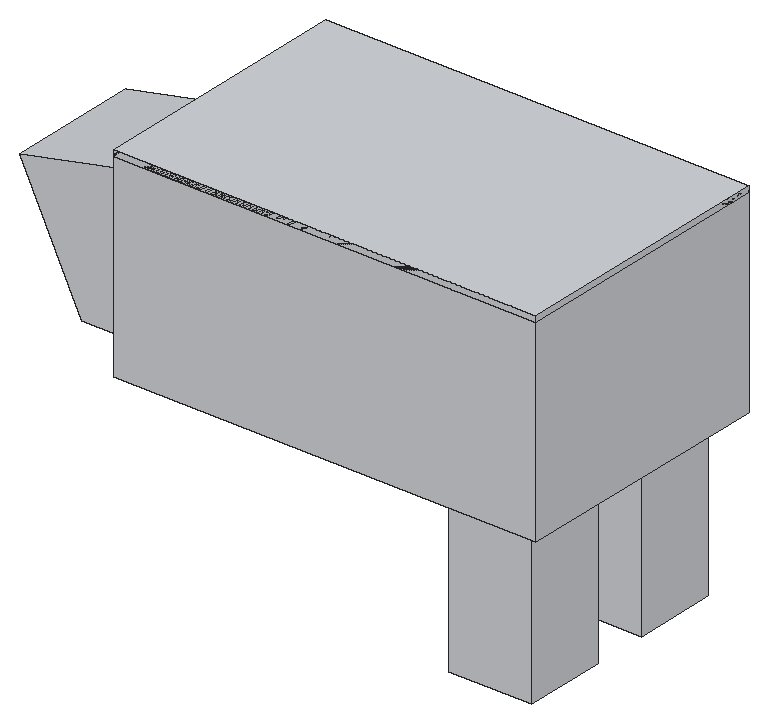
Revit family "AHU 5 _5", category Mechanické zařízení, Revit 2018
Family settings
  Kóta kulaté spojky = Použít průměr
  Typ dílu = Normální
  Číslo OmniClass = 23.75.00.00
  Nadpis OmniClass = Climate Control (HVAC)
  Založené na pracovní rovině = Ne
  Vždy vertikální = Ano
  Ořezat dutým tvarem při načtení = Ne
  Sdílené = Ne
  Bod výpočtu místnosti = Ne
Parameters (values of type "DUPLEXVENT 5500 Multi Eco-N")
  Width [instance] = 1.605 mm
  Weight [instance] = 645.00 kg
  URL = ""
  Type [instance] = "DUPLEXVENT 5500 Multi Eco-N"
  Total_SFP [instance] = 0
  Supply_outlet_hum [instance] = 90
  Supply_inlet_hum [instance] = 90
  Supply_ext_pressure [instance] = 0.0 Pa
  Supply_SFP [instance] = 0
  Source_adu_file [instance] = ""
  Recuperation_type [instance] = "Plate heat recovery exchanger"
  Recuperation_efficiency_EN308 [instance] = 0
  Project_name [instance] = ""
  Project_date [instance] = "9.8.2023"
  Power_supply_fusing [instance] = "0"
  Power_supply_cable [instance] = "0"
  Position [instance] = "AHU 5 "
  Phases_count [instance] = 3
  Panel_thickness [instance] = 0.06 mm
  Outer_surface [instance] = "RAL 9002"
  Length [instance] = 2.56 mm
  Insulation_type [instance] = "PUR"
  Insulation_thickness [instance] = 0.05 mm
  Installation_environment [instance] = ""
  Input_power_max [instance] = 6600 W
  Inner_surface [instance] = "Pozink"
  I2 [instance] = I1  # 0.0 L/s
  Height [instance] = 1.69 mm
  Exhaust_outlet_hum [instance] = 40
  Exhaust_inlet_hum [instance] = 40
  Exhaust_ext_pressure [instance] = 0.0 Pa
  Exhaust_SFP [instance] = 0
  E1 [instance] = E2 - M1  # 0.0 L/s
  E2 [instance] = 0.0 L/s
  I1 [instance] = 0.0 L/s
  Description = ""
  M1 [instance] = 0.0 L/s
  Device_dutypoint_version [instance] = "0"
  Device_design_version [instance] = "10"
  Device_adu_id [instance] = "5"
  Current_max [instance] = 10.8 A
  Casing_mat [instance] = "painted zinc layer"
  Cable type [instance] = ""
Reference planes
  plane 1 "Střed (vpředu/vzadu)": y = 0
  plane 2 "ref": z = 0
  plane 3 "Střed (vlevo/vpravo)": x = 0
Forms (mm)
  Sweep 1, solid
    path origin (0, 0, -1190) x (0, 0, 1) y (1, 0, 0)
      loop
        line (0, 0) -> (1190, 0)
    profile origin (0, 0, -1190) x (1, 0, 0) y (0, 1, 0)
      loop
        line (0, 0) -> (2560, 0) -> (2560, 1605) -> (0, 1605) -> (0, 0)
  Sweep 2, solid
    path origin (0, 0, 0) x (0, 0, 1) y (1, 0, 0)
      loop
        line (0, 0) -> (40, 0)
    profile origin (0, 0, 0) x (1, 0, 0) y (0, 1, 0)
      loop
        line (0, 0) -> (2560, 0) -> (2560, 1605) -> (0, 1605) -> (0, 0)
  Sweep 3, solid
    path origin (-310, 870, -550) x (1, 0, 0) y (0, 1, 0)
      loop
        line (0, 0) -> (0, -800)
    profile origin (-310, 870, -550) x (1, 0, 0) y (0, 0, 1)
      loop
        line (309, 455) -> (-310, 319) -> (62, -455) -> (310, -455) -> (309, 455)
  Sweep 4, solid
    path origin (0, 470, -550) x (0, 1, 0) y (-1, 0, 0)
      loop
        line (0, 0) -> (0, 1)
    profile origin (0, 470, -550) x (0, -1, 0) y (0, 0, 1)
      loop
        line (-400, -455) -> (400, -455) -> (400, 455) -> (-400, 455) -> (-400, -455)
  Sweep 5, solid
    path origin (2182, 1206, -1190) x (0, 0, -1) y (1, 0, 0)
      loop
        line (0, 0) -> (975, 0)
    profile origin (2182, 1206, -1190) x (0, -1, 0) y (1, 0, 0)
      loop
        line (-250, 250) -> (-250, -250) -> (250, -250) -> (250, 250) -> (-250, 250)
  Sweep 6, solid
    path origin (2182, 373, -1190) x (0, 0, -1) y (1, 0, 0)
      loop
        line (0, 0) -> (975, 0)
    profile origin (2182, 373, -1190) x (0, -1, 0) y (1, 0, 0)
      loop
        line (-250, 250) -> (-250, -250) -> (250, -250) -> (250, 250) -> (-250, 250)
  Sweep 7, solid
    path origin (65, 1855, -802) x (1, 0, 0) y (0, 1, 0)
      loop
        line (0, 0) -> (790, 0)
    profile origin (65, 1855, -802) x (0, 1, 0) y (0, 0, 1)
      loop
        line (-250, -388) -> (250, -388) -> (250, 138) -> (0, 388) -> (-250, 388) -> (-250, -388)
  Sweep 8, solid
    path origin (0, 0, -1190) x (0, 0, 1) y (1, 0, 0)
      loop
        line (0, 0) -> (775, 0)
    profile origin (0, 0, -1190) x (1, 0, 0) y (0, 1, 0)
      loop
        line (65, 1605) -> (855, 1605) -> (855, 1606) -> (65, 1606) -> (65, 1605)
  Sweep 9, solid
    path origin (113, 1492, -1190) x (0, -1, 0) y (0, 0, 1)
      loop
        line (0, 0) -> (0, -150)
    profile origin (113, 1492, -1190) x (-1, 0, 0) y (0, -1, 0)
      loop
        circle (0, 0) r 30
  Sweep 10, solid
    path origin (1321, 1492, -1190) x (0, -1, 0) y (0, 0, 1)
      loop
        line (0, 0) -> (0, -150)
    profile origin (1321, 1492, -1190) x (-1, 0, 0) y (0, -1, 0)
      loop
        circle (0, 0) r 30
  Sweep 11, solid
    path origin (0, 0, 5) x (0, 0, 1) y (1, 0, 0)
      loop
        line (0, 0) -> (35, 0)
    profile origin (0, 0, 5) x (1, 0, 0) y (0, 1, 0)
      loop
        line (0, 0) -> (2560, 0) -> (2560, 1605) -> (0, 1605) -> (0, 0)
Lines and regions (mm)
  model lines, style "Symbol"
    curve 1: line (1050, 0, 40) -> (1050, 321, 40)
    curve 2: line (1050, 1605, 40) -> (1050, 1284, 40)
    curve 3: line (0, 802, 40) -> (568, 802, 40)
    curve 4: line (2560, 802, 40) -> (1531, 802, 40)
    curve 5: line (568, 802, 40) -> (809, 1284, 40)
    curve 6: line (809, 1284, 40) -> (1290, 1284, 40)
    curve 7: line (1290, 1284, 40) -> (1531, 802, 40)
    curve 8: line (1531, 802, 40) -> (1290, 321, 40)
    curve 9: line (1290, 321, 40) -> (1050, 321, 40)
    curve 10: line (1050, 321, 40) -> (809, 321, 40)
    curve 11: line (809, 321, 40) -> (568, 802, 40)
    curve 12: line (2207, 1318, 40) -> (2464, 1274, 40)
    curve 13: line (2207, 1089, 40) -> (2464, 1133, 40)
    curve 14: line (126, 1091, 40) -> (170, 1348, 40)
    curve 15: line (355, 1091, 40) -> (311, 1348, 40)
    curve 16: line (51, 161, 40) -> (51, 642, 40)
    curve 17: line (51, 642, 40) -> (205, 642, 40)
    curve 18: line (205, 642, 40) -> (205, 161, 40)
    curve 19: line (205, 161, 40) -> (51, 161, 40)
    curve 20: line (128, 161, 40) -> (205, 401, 40)
    curve 21: line (128, 642, 40) -> (205, 401, 40)
    curve 22: line (2509, 642, 40) -> (2509, 161, 40)
    curve 23: line (2509, 161, 40) -> (2355, 161, 40)
    curve 24: line (2355, 161, 40) -> (2355, 642, 40)
    curve 25: line (2355, 642, 40) -> (2509, 642, 40)
    curve 26: line (2432, 642, 40) -> (2355, 401, 40)
    curve 27: line (2432, 161, 40) -> (2355, 401, 40)
    curve 28: line (722, 281, 40) -> (503, 710, 40)
    curve 29: line (503, 710, 40) -> (575, 746, 40)
    curve 30: line (575, 746, 40) -> (793, 317, 40)
    curve 31: line (793, 317, 40) -> (722, 281, 40)
    curve 32: line (591, 556, 40) -> (619, 643, 40)
    curve 33: line (678, 385, 40) -> (706, 471, 40)
    curve 34: line (74, 1492, -1190) -> (152, 1492, -1190)
    curve 35: line (113, 1453, -1190) -> (113, 1531, -1190)
    curve 36: line (1282, 1492, -1190) -> (1360, 1492, -1190)
    curve 37: line (1321, 1453, -1190) -> (1321, 1531, -1190)
    curve 38: line (0, 0, 1200) -> (0, 0, 0)
    curve 39: line (2560, 0, 1200) -> (2560, 0, 0)
    curve 40: line (0, 0, 1200) -> (2560, 0, 1200)
    curve 41: line (0, 1605, 1200) -> (0, 1605, 0)
    curve 42: line (2560, 1605, 1200) -> (2560, 1605, 0)
    curve 43: line (0, 1605, 1200) -> (2560, 1605, 1200)
    curve 44: line (0, 0, 1200) -> (0, 1605, 1200)
    curve 45: line (2560, 0, 1200) -> (2560, 1605, 1200)
    curve 46: line (0, 1405, 1200) -> (200, 1605, 1200)
    curve 47: line (0, 1205, 1200) -> (400, 1605, 1200)
    curve 48: line (0, 1005, 1200) -> (600, 1605, 1200)
    curve 49: line (0, 805, 1200) -> (800, 1605, 1200)
    curve 50: line (0, 605, 1200) -> (1000, 1605, 1200)
    curve 51: line (0, 405, 1200) -> (1200, 1605, 1200)
    curve 52: line (0, 205, 1200) -> (1400, 1605, 1200)
    curve 53: line (0, 5, 1200) -> (1600, 1605, 1200)
    curve 54: line (195, 0, 1200) -> (1800, 1605, 1200)
    curve 55: line (395, 0, 1200) -> (2000, 1605, 1200)
    curve 56: line (595, 0, 1200) -> (2200, 1605, 1200)
    curve 57: line (795, 0, 1200) -> (2400, 1605, 1200)
    curve 58: line (995, 0, 1200) -> (2560, 1565, 1200)
    curve 59: line (1195, 0, 1200) -> (2560, 1365, 1200)
    curve 60: line (1395, 0, 1200) -> (2560, 1165, 1200)
    curve 61: line (1595, 0, 1200) -> (2560, 965, 1200)
    curve 62: line (1795, 0, 1200) -> (2560, 765, 1200)
    curve 63: line (1995, 0, 1200) -> (2560, 565, 1200)
    curve 64: line (2195, 0, 1200) -> (2560, 365, 1200)
    curve 65: line (2395, 0, 1200) -> (2560, 165, 1200)
    curve 66: line (2560, 1405, 1200) -> (2560, 1605, 1000)
    curve 67: line (2560, 1205, 1200) -> (2560, 1605, 800)
    curve 68: line (2560, 1005, 1200) -> (2560, 1605, 600)
    curve 69: line (2560, 805, 1200) -> (2560, 1605, 400)
    curve 70: line (2560, 605, 1200) -> (2560, 1605, 200)
    curve 71: line (2560, 405, 1200) -> (2560, 1605, 0)
    curve 72: line (2560, 205, 1200) -> (2560, 1405, 0)
    curve 73: line (2560, 5, 1200) -> (2560, 1205, 0)
    curve 74: line (2560, 0, 1005) -> (2560, 1005, 0)
    curve 75: line (2560, 0, 805) -> (2560, 805, 0)
    curve 76: line (2560, 0, 605) -> (2560, 605, 0)
    curve 77: line (2560, 0, 405) -> (2560, 405, 0)
    curve 78: line (2560, 0, 205) -> (2560, 205, 0)
    curve 79: line (2560, 0, 5) -> (2560, 5, 0)
    curve 80: line (0, 1605, 1000) -> (200, 1605, 1200)
    curve 81: line (0, 1605, 800) -> (400, 1605, 1200)
    curve 82: line (0, 1605, 600) -> (600, 1605, 1200)
    curve 83: line (0, 1605, 400) -> (800, 1605, 1200)
    curve 84: line (0, 1605, 200) -> (1000, 1605, 1200)
    curve 85: line (0, 1605, 0) -> (1200, 1605, 1200)
    curve 86: line (200, 1605, 0) -> (1400, 1605, 1200)
    curve 87: line (400, 1605, 0) -> (1600, 1605, 1200)
    curve 88: line (600, 1605, 0) -> (1800, 1605, 1200)
    curve 89: line (800, 1605, 0) -> (2000, 1605, 1200)
    curve 90: line (1000, 1605, 0) -> (2200, 1605, 1200)
    curve 91: line (1200, 1605, 0) -> (2400, 1605, 1200)
    curve 92: line (1400, 1605, 0) -> (2560, 1605, 1160)
    curve 93: line (1600, 1605, 0) -> (2560, 1605, 960)
    curve 94: line (1800, 1605, 0) -> (2560, 1605, 760)
    curve 95: line (2000, 1605, 0) -> (2560, 1605, 560)
    curve 96: line (2200, 1605, 0) -> (2560, 1605, 360)
    curve 97: line (2400, 1605, 0) -> (2560, 1605, 160)
    curve 98: line (0, -700, -1190) -> (0, 0, -1190)
    curve 99: line (2560, -700, -1190) -> (2560, 0, -1190)
    curve 100: line (0, -700, -1190) -> (2560, -700, -1190)
    curve 101: line (0, -700, 0) -> (0, 0, 0)
    curve 102: line (2560, -700, 0) -> (2560, 0, 0)
    curve 103: line (0, -700, 0) -> (2560, -700, 0)
    curve 104: line (0, -700, -1190) -> (0, -700, 0)
    curve 105: line (2560, -700, -1190) -> (2560, -700, 0)
    curve 106: line (0, -700, -200) -> (200, -700, 0)
    curve 107: line (0, -700, -400) -> (400, -700, 0)
    curve 108: line (0, -700, -600) -> (600, -700, 0)
    curve 109: line (0, -700, -800) -> (800, -700, 0)
    curve 110: line (0, -700, -1000) -> (1000, -700, 0)
    curve 111: line (10, -700, -1190) -> (1200, -700, 0)
    curve 112: line (210, -700, -1190) -> (1400, -700, 0)
    curve 113: line (410, -700, -1190) -> (1600, -700, 0)
    curve 114: line (610, -700, -1190) -> (1800, -700, 0)
    curve 115: line (810, -700, -1190) -> (2000, -700, 0)
    curve 116: line (1010, -700, -1190) -> (2200, -700, 0)
    curve 117: line (1210, -700, -1190) -> (2400, -700, 0)
    curve 118: line (1410, -700, -1190) -> (2560, -700, -40)
    curve 119: line (1610, -700, -1190) -> (2560, -700, -240)
    curve 120: line (1810, -700, -1190) -> (2560, -700, -440)
    curve 121: line (2010, -700, -1190) -> (2560, -700, -640)
    curve 122: line (2210, -700, -1190) -> (2560, -700, -840)
    curve 123: line (2410, -700, -1190) -> (2560, -700, -1040)
    curve 124: line (2560, -700, -200) -> (2560, -500, 0)
    curve 125: line (2560, -700, -400) -> (2560, -300, 0)
    curve 126: line (2560, -700, -600) -> (2560, -100, 0)
    curve 127: line (2560, -700, -800) -> (2560, 0, -100)
    curve 128: line (2560, -700, -1000) -> (2560, 0, -300)
    curve 129: line (2560, -690, -1190) -> (2560, 0, -500)
    curve 130: line (2560, -490, -1190) -> (2560, 0, -700)
    curve 131: line (2560, -290, -1190) -> (2560, 0, -900)
    curve 132: line (2560, -90, -1190) -> (2560, 0, -1100)
    curve 133: line (0, -500, 0) -> (200, -700, 0)
    curve 134: line (0, -300, 0) -> (400, -700, 0)
    curve 135: line (0, -100, 0) -> (600, -700, 0)
    curve 136: line (100, 0, 0) -> (800, -700, 0)
    curve 137: line (300, 0, 0) -> (1000, -700, 0)
    curve 138: line (500, 0, 0) -> (1200, -700, 0)
    curve 139: line (700, 0, 0) -> (1400, -700, 0)
    curve 140: line (900, 0, 0) -> (1600, -700, 0)
    curve 141: line (1100, 0, 0) -> (1800, -700, 0)
    curve 142: line (1300, 0, 0) -> (2000, -700, 0)
    curve 143: line (1500, 0, 0) -> (2200, -700, 0)
    curve 144: line (1700, 0, 0) -> (2400, -700, 0)
    curve 145: line (1900, 0, 0) -> (2560, -660, 0)
    curve 146: line (2100, 0, 0) -> (2560, -460, 0)
    curve 147: line (2300, 0, 0) -> (2560, -260, 0)
    curve 148: line (2500, 0, 0) -> (2560, -60, 0)
    curve 149: line (0, 2305, 0) -> (0, 1605, 0)
    curve 150: line (2560, 2305, 0) -> (2560, 1605, 0)
    curve 151: line (0, 2305, 0) -> (2560, 2305, 0)
    curve 152: line (0, 2305, -1190) -> (0, 1605, -1190)
    curve 153: line (2560, 2305, -1190) -> (2560, 1605, -1190)
    curve 154: line (0, 2305, -1190) -> (2560, 2305, -1190)
    curve 155: line (0, 2305, 0) -> (0, 2305, -1190)
    curve 156: line (2560, 2305, 0) -> (2560, 2305, -1190)
    curve 157: line (0, 2305, -990) -> (200, 2305, -1190)
    curve 158: line (0, 2305, -790) -> (400, 2305, -1190)
    curve 159: line (0, 2305, -590) -> (600, 2305, -1190)
    curve 160: line (0, 2305, -390) -> (800, 2305, -1190)
    curve 161: line (0, 2305, -190) -> (1000, 2305, -1190)
    curve 162: line (10, 2305, 0) -> (1200, 2305, -1190)
    curve 163: line (210, 2305, 0) -> (1400, 2305, -1190)
    curve 164: line (410, 2305, 0) -> (1600, 2305, -1190)
    curve 165: line (610, 2305, 0) -> (1800, 2305, -1190)
    curve 166: line (810, 2305, 0) -> (2000, 2305, -1190)
    curve 167: line (1010, 2305, 0) -> (2200, 2305, -1190)
    curve 168: line (1210, 2305, 0) -> (2400, 2305, -1190)
    curve 169: line (1410, 2305, 0) -> (2560, 2305, -1150)
    curve 170: line (1610, 2305, 0) -> (2560, 2305, -950)
    curve 171: line (1810, 2305, 0) -> (2560, 2305, -750)
    curve 172: line (2010, 2305, 0) -> (2560, 2305, -550)
    curve 173: line (2210, 2305, 0) -> (2560, 2305, -350)
    curve 174: line (2410, 2305, 0) -> (2560, 2305, -150)
    curve 175: line (2560, 2305, -990) -> (2560, 2105, -1190)
    curve 176: line (2560, 2305, -790) -> (2560, 1905, -1190)
    curve 177: line (2560, 2305, -590) -> (2560, 1705, -1190)
    curve 178: line (2560, 2305, -390) -> (2560, 1605, -1090)
    curve 179: line (2560, 2305, -190) -> (2560, 1605, -890)
    curve 180: line (2560, 2295, 0) -> (2560, 1605, -690)
    curve 181: line (2560, 2095, 0) -> (2560, 1605, -490)
    curve 182: line (2560, 1895, 0) -> (2560, 1605, -290)
    curve 183: line (2560, 1695, 0) -> (2560, 1605, -90)
    curve 184: line (0, 2105, -1190) -> (200, 2305, -1190)
    curve 185: line (0, 1905, -1190) -> (400, 2305, -1190)
    curve 186: line (0, 1705, -1190) -> (600, 2305, -1190)
    curve 187: line (100, 1605, -1190) -> (800, 2305, -1190)
    curve 188: line (300, 1605, -1190) -> (1000, 2305, -1190)
    curve 189: line (500, 1605, -1190) -> (1200, 2305, -1190)
    curve 190: line (700, 1605, -1190) -> (1400, 2305, -1190)
    curve 191: line (900, 1605, -1190) -> (1600, 2305, -1190)
    curve 192: line (1100, 1605, -1190) -> (1800, 2305, -1190)
    curve 193: line (1300, 1605, -1190) -> (2000, 2305, -1190)
    curve 194: line (1500, 1605, -1190) -> (2200, 2305, -1190)
    curve 195: line (1700, 1605, -1190) -> (2400, 2305, -1190)
    curve 196: line (1900, 1605, -1190) -> (2560, 2265, -1190)
    curve 197: line (2100, 1605, -1190) -> (2560, 2065, -1190)
    curve 198: line (2300, 1605, -1190) -> (2560, 1865, -1190)
    curve 199: line (2500, 1605, -1190) -> (2560, 1665, -1190)
    curve 200: line (0, 0, 40) -> (0, 1605, 40)
    curve 201: line (0, 1605, 40) -> (1280, 1605, 40)
    curve 202: line (1280, 1605, 40) -> (1280, 0, 40)
    curve 203: line (1280, 0, 40) -> (0, 0, 40)
    curve 204: line (1280, 0, 40) -> (1280, 1605, 40)
    curve 205: line (1280, 1605, 40) -> (2560, 1605, 40)
    curve 206: line (2560, 1605, 40) -> (2560, 0, 40)
    curve 207: line (2560, 0, 40) -> (1280, 0, 40)
    curve 208: line (0, 0, 40) -> (2560, 0, 40)
    curve 209: line (0, 1605, 40) -> (2560, 1605, 40)
    curve 210: line (0, 0, 40) -> (0, 1605, 40)
    curve 211: line (2560, 0, 40) -> (2560, 1605, 40)
    curve 212: line (0, 0, 40) -> (0, 0, 5)
    curve 213: line (2560, 0, 40) -> (2560, 0, 5)
    curve 214: line (0, 1605, 40) -> (0, 1605, 5)
    curve 215: line (2560, 1605, 40) -> (2560, 1605, 5)
    curve 216: line (15, 10, -1690) -> (15, 10, -1190)
    curve 217: line (15, 10, -1190) -> (2545, 10, -1190)
    curve 218: line (2545, 10, -1190) -> (2545, 10, -1690)
    curve 219: line (2545, 10, -1690) -> (15, 10, -1690)
    curve 220: line (15, 1595, -1690) -> (15, 1595, -1190)
    curve 221: line (15, 1595, -1190) -> (2545, 1595, -1190)
    curve 222: line (2545, 1595, -1190) -> (2545, 1595, -1690)
    curve 223: line (2545, 1595, -1690) -> (15, 1595, -1690)
    curve 224: line (15, 10, -1690) -> (15, 10, -1190)
    curve 225: line (15, 10, -1190) -> (15, 1595, -1190)
    curve 226: line (15, 1595, -1190) -> (15, 1595, -1690)
    curve 227: line (15, 1595, -1690) -> (15, 10, -1690)
    curve 228: line (2545, 10, -1690) -> (2545, 10, -1190)
    curve 229: line (2545, 10, -1190) -> (2545, 1595, -1190)
    curve 230: line (2545, 1595, -1190) -> (2545, 1595, -1690)
    curve 231: line (2545, 1595, -1690) -> (2545, 10, -1690)
    curve 232: line (1005, 10, -1265) -> (1005, 10, -1515)
    curve 233: line (1005, 10, -1515) -> (1255, 10, -1515)
    curve 234: line (1255, 10, -1515) -> (1255, 10, -1265)
    curve 235: line (1255, 10, -1265) -> (1005, 10, -1265)
    curve 236: line (1030, 10, -1290) -> (1030, 10, -1490)
    curve 237: line (1030, 10, -1490) -> (1230, 10, -1490)
    curve 238: line (1230, 10, -1490) -> (1230, 10, -1290)
    curve 239: line (1230, 10, -1290) -> (1030, 10, -1290)
    curve 240: line (1005, 1595, -1265) -> (1005, 1595, -1515)
    curve 241: line (1005, 1595, -1515) -> (1255, 1595, -1515)
    curve 242: line (1255, 1595, -1515) -> (1255, 1595, -1265)
    curve 243: line (1255, 1595, -1265) -> (1005, 1595, -1265)
    curve 244: line (1030, 1595, -1290) -> (1030, 1595, -1490)
    curve 245: line (1030, 1595, -1490) -> (1230, 1595, -1490)
    curve 246: line (1230, 1595, -1490) -> (1230, 1595, -1290)
    curve 247: line (1230, 1595, -1290) -> (1030, 1595, -1290)
    curve 248: line (2235, 1595, -1265) -> (2235, 1595, -1515)
    curve 249: line (2235, 1595, -1515) -> (2485, 1595, -1515)
    curve 250: line (2485, 1595, -1515) -> (2485, 1595, -1265)
    curve 251: line (2485, 1595, -1265) -> (2235, 1595, -1265)
    curve 252: line (2260, 1595, -1290) -> (2260, 1595, -1490)
    curve 253: line (2260, 1595, -1490) -> (2460, 1595, -1490)
    curve 254: line (2460, 1595, -1490) -> (2460, 1595, -1290)
    curve 255: line (2460, 1595, -1290) -> (2260, 1595, -1290)
    curve 256: line (15, 477, -1265) -> (15, 728, -1265)
    curve 257: line (15, 728, -1265) -> (15, 728, -1515)
    curve 258: line (15, 728, -1515) -> (15, 477, -1515)
    curve 259: line (15, 477, -1515) -> (15, 477, -1265)
    curve 260: line (15, 502, -1290) -> (15, 703, -1290)
    curve 261: line (15, 703, -1290) -> (15, 703, -1490)
    curve 262: line (15, 703, -1490) -> (15, 502, -1490)
    curve 263: line (15, 502, -1490) -> (15, 502, -1290)
    curve 264: line (2545, 477, -1265) -> (2545, 728, -1265)
    curve 265: line (2545, 728, -1265) -> (2545, 728, -1515)
    curve 266: line (2545, 728, -1515) -> (2545, 477, -1515)
    curve 267: line (2545, 477, -1515) -> (2545, 477, -1265)
    curve 268: line (2545, 502, -1290) -> (2545, 703, -1290)
    curve 269: line (2545, 703, -1290) -> (2545, 703, -1490)
    curve 270: line (2545, 703, -1490) -> (2545, 502, -1490)
    curve 271: line (2545, 502, -1490) -> (2545, 502, -1290)
    curve 272: line (938, 0, -470) -> (938, 0, -720)
    curve 273: line (938, 0, -720) -> (1188, 0, -720)
    curve 274: line (1188, 0, -720) -> (1188, 0, -470)
    curve 275: line (1188, 0, -470) -> (938, 0, -470)
    curve 276: line (963, 0, -495) -> (963, 0, -695)
    curve 277: line (963, 0, -695) -> (1163, 0, -695)
    curve 278: line (1163, 0, -695) -> (1163, 0, -495)
    curve 279: line (1163, 0, -495) -> (963, 0, -495)
    curve 280: line (235, 0, -50) -> (235, 0, -1140)
    curve 281: line (235, 0, -1140) -> (485, 0, -1140)
    curve 282: line (485, 0, -1140) -> (485, 0, -50)
    curve 283: line (485, 0, -50) -> (235, 0, -50)
    curve 284: line (260, 0, -75) -> (260, 0, -1115)
    curve 285: line (260, 0, -1115) -> (460, 0, -1115)
    curve 286: line (460, 0, -1115) -> (460, 0, -75)
    curve 287: line (460, 0, -75) -> (260, 0, -75)
    curve 288: line (1495, 0, -50) -> (1495, 0, -1140)
    curve 289: line (1495, 0, -1140) -> (1745, 0, -1140)
    curve 290: line (1745, 0, -1140) -> (1745, 0, -50)
    curve 291: line (1745, 0, -50) -> (1495, 0, -50)
    curve 292: line (1520, 0, -75) -> (1520, 0, -1115)
    curve 293: line (1520, 0, -1115) -> (1720, 0, -1115)
    curve 294: line (1720, 0, -1115) -> (1720, 0, -75)
    curve 295: line (1720, 0, -75) -> (1520, 0, -75)
    curve 296: circle (2319, 1204, 40) r 161 normal (0, 0, 1)
    curve 297: circle (241, 1204, 40) r 161 normal (0, 0, 1)
    curve 298: circle (605, 599, 40) r 12 normal (0, 0, 1)
    curve 299: circle (692, 428, 40) r 12 normal (0, 0, 1)
    curve 300: circle (113, 1492, -1190) r 30 normal (0, 0, 1)
    curve 301: circle (1321, 1492, -1190) r 30 normal (0, 0, 1)
Dimensions and locks
  aligned and locked: level to plane 2 "ref"
Connectors
  hvac at (-1, 470, -550), driven by "E1"
    settings: on Sweep 4, index 1, duct flow 0.0 L/s, flow factor 0, pres drop 0.0 Pa, loss coef 0, conn angle 0.00°, conn width 10 mm, conn height 10 mm, conn diameter 609.6 mm, duct sys type 1, conn prof type 1, flow config 1, flow direction 1, loss method 0, conn ref index -1, conn util no, is conn primary yes, conn desc ""
  hvac at (2182, 1206, -2165), driven by "E2"
    settings: on Sweep 5, index 2, duct flow 0.0 L/s, flow factor 1, pres drop 0.0 Pa, loss coef 0, conn angle 0.00°, conn width 500 mm, conn height 500 mm, conn diameter 609.6 mm, duct sys type 1, conn prof type 1, flow config 2, flow direction 2, loss method 0, conn ref index -1, conn util no, is conn primary no, conn desc ""
  hvac at (2182, 373, -2165), driven by "I1"
    settings: on Sweep 6, index 3, duct flow 0.0 L/s, flow factor 1, pres drop 0.0 Pa, loss coef 0, conn angle 0.00°, conn width 500 mm, conn height 500 mm, conn diameter 609.6 mm, duct sys type 3, conn prof type 1, flow config 2, flow direction 1, loss method 0, conn ref index -1, conn util no, is conn primary no, conn desc ""
  hvac at (460, 1605.5, -415), driven by "I2"
    settings: on Sweep 8, index 4, duct flow 0.0 L/s, flow factor 0, pres drop 0.0 Pa, loss coef 0, conn angle 0.00°, conn width 10 mm, conn height 10 mm, conn diameter 609.6 mm, duct sys type 3, conn prof type 1, flow config 1, flow direction 2, loss method 0, conn ref index -1, conn util no, is conn primary no, conn desc ""
  piping at (113, 1492, -1340), diameter 40
    settings: on Sweep 9, index 5, connector inside diameter 609.6 mm, connector length 0 mm, flow factor 0, pipe flow 0.0 L/s, pressure drop 0.0 Pa, fitting loss kfactor 0, connector angle 0.00°, fixture units 0, engagement length 0 mm, angle of deflection 0.00°, flow configuration 1, flow direction 2, fitting loss method 0, system type 16, joint type 0, gender type 0, connector reference index -1, connector utility 0, adjustable connector no, is connector primary yes, connector description ""
  piping at (1321, 1492, -1340), diameter 40
    settings: on Sweep 10, index 6, connector inside diameter 609.6 mm, connector length 0 mm, flow factor 0, pipe flow 0.0 L/s, pressure drop 0.0 Pa, fitting loss kfactor 0, connector angle 0.00°, fixture units 0, engagement length 0 mm, angle of deflection 0.00°, flow configuration 1, flow direction 2, fitting loss method 0, system type 16, joint type 0, gender type 0, connector reference index -1, connector utility 0, adjustable connector no, is connector primary no, connector description ""
